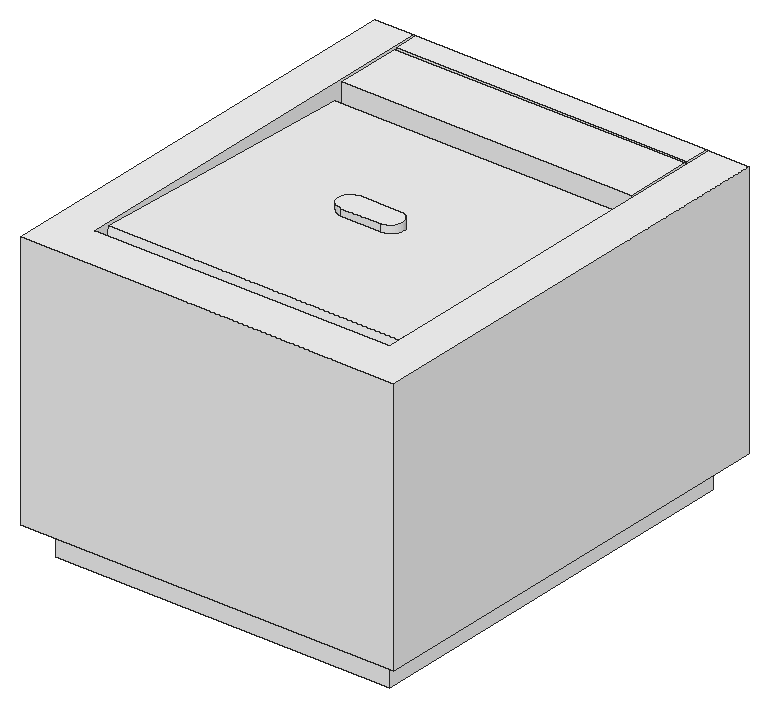
Revit family "Gira_020730", category Electrical Fixtures, host Face, Revit 2017
Family settings
  Host = Face
  Maintain Annotation Orientation = Yes
  Round Connector Dimension = Use Diameter
  Part Type = Normal
  Cut with Voids When Loaded = No
  Shared = No
  Room Calculation Point = No
Parameters (values of type "Cover plate Glass pl. of in.sp. WP surface-mounted blue")
  With label area = "Yes"
  With exchangeable lens/symbol = "Yes"
  White [instance] = White
  Utilization = "Switch/push button"
  URL = "http://katalog.gira.de/en/datenblatt.html?artikelnr=020730"
  Type of fastening = "Screw mounting"
  Surface protection = "Other"
  Suitable for touch sensor connector for bus system = "No"
  Suitable for degree of protection (IP) = "IP20"
  Scannable symbol / barrier free = "No"
  RAL-number (akin) = "5015"
  Name = "Cover plate Glass pl. of in.sp. WP surface-mounted blue"
  Monitoring window/light outlet = "No"
  Model = "Single rocker"
  Material quality = "Other"
  Material = "Other"
  Manufacturer URL = "https://www.gira.de/"
  Manufacturer = "Gira"
  Imprint/indication = "Without imprint"
  HeinzeBIM = "https://bimportal.heinze.de/bim/cover-plate-glass-pl-of-in-sp-wp-surface-mounted-blue/2a37ca503be4864462c599e5d8a8d9e77697448f"
  Halogen free = "Yes"
  HAN = "020730"
  GTIN = "4010337207306"
  Description = "Cov.pl.in.sp.pane WP SM BU,Cover plate with inscription space and glass pane suitable for water-protected rocker switches, indicator switches, and buttons,,blue RAL 5015,Notes :,- Not suitable for 3-pole switches."
  Default Elevation = 1219.2 mm
  Data sheet (1) = "https://katalog.gira.de/en/download.html?artikelnr=020730"
  Colour = "Blue"
  Category = "Control element/cover plate for domestic switching devices"
  BIM (1) = "https://media.stage.bim.site/public/gira/36a6b08/IP44_Komplettgerät_Schalten und Tasten.rfa?public/gira/36a6b08/IP44_Komplettgerät_Schalten und Tasten.rfa"
  Available = "No"
Reference planes
  plane 1 "Center (Front/Back)": y = 0
  plane 2: z = 0
  plane 3 "Center (Left/Right)": x = 0
  plane 4: x = 30
  plane 5: x = -30
  plane 6: z = 41.4
Forms (mm)
  Extrusion 1, solid, material "White" <- "White", detail levels medium+fine
    sketch origin (0, 0, 0) x (1, 0, 0) y (0, 1, 0)
      loop
        line (-34, 41) -> (-34, -41) -> (34, -41) -> (34, 41) -> (-34, 41)
    from 0 to -6.2
  Extrusion 2, solid, material "White" <- "White", detail levels medium+fine
    sketch origin (0, 0, 0) x (1, 0, 0) y (0, 1, 0)
      loop
        line (-38, 45) -> (-38, -45) -> (38, -45) -> (38, 45) -> (-38, 45)
    from 0 to 52.4
  Extrusion 3, void
    sketch origin (0, 0, 0) x (1, 0, 0) y (0, 0, 1)
      loop
        line (-30, 59.413) -> (-30, 41.4) -> (30, 41.4) -> (30, 59.413) -> (-30, 59.413)
    from 36 to -113.06
  Extrusion 4, solid, material "White" <- "White", detail levels medium
    sketch origin (225, 0, 0) x (1, 0, 0) y (0, 1, 0)
      loop
        line (-254.5, 44.5) -> (-254.5, -35.5) -> (-195.5, -35.5) -> (-195.5, 44.5) -> (-254.5, 44.5)
    from 41.4 to 52.4
  Extrusion 5, solid, material "White" <- "White", detail levels fine
    sketch origin (0, 0, 0) x (1, 0, 0) y (0, 1, 0)
      loop
        line (-29.5, 45) -> (-29.5, 40) -> (29.5, 40) -> (29.5, 45) -> (-29.5, 45)
    from 41.4 to 52.4
  Extrusion 6, solid, material "White" <- "White", detail levels fine
    sketch origin (0, 0, 0) x (1, 0, 0) y (0, 1, 0)
      loop
        line (29.5, 39.5) -> (-29.5, 39.5) -> (-29.5, 26) -> (29.5, 26) -> (29.5, 39.5)
    from 41.4 to 52.4
  Extrusion 7, solid, material "White" <- "White", detail levels fine
    sketch origin (0, 0, 0) x (1, 0, 0) y (0, 1, 0)
      loop
        arc (-4, -1) -> (-6.5, -3.5) -> (-4, -6) r 2.5
        line (-4, -6) -> (4, -6)
        arc (4, -6) -> (6.5, -3.5) -> (4, -1) r 2.5
        line (4, -1) -> (-4, -1)
    from 41.4 to 52.4
  Extrusion 8, solid, material "White" <- "White", detail levels coarse
    sketch origin (0, 0, 0) x (1, 0, 0) y (0, 1, 0)
      loop
        line (-38, 46) -> (-38, -45) -> (38, -45) -> (38, 46) -> (-38, 46)
    from -6.2 to 52.4
  Extrusion 9, solid, material "White" <- "White", detail levels medium+fine
    sketch origin (0, 0, 0) x (1, 0, 0) y (0, 0, 1)
      loop
        circle (0, 14) r 3.6
    from -46 to -45
  Extrusion 10, solid, material "White" <- "White", detail levels fine
    sketch origin (0, 0, 0) x (0, 1, 0) y (0, 0, 1)
      loop
        line (-36, 41.4) -> (26, 41.4) -> (24.38, 49.736) -> (-33.115, 52.169) -> (-36, 41.4)
    from -29.5 to 29.5
Cuts and joins
  Extrusion 3 cuts Extrusion 2
Dimensions and locks
  aligned and locked: plane 2 to host face
  aligned and locked: level to host face
  aligned and locked: plane 3 "Center (Left/Right)" to nested 1
  aligned and locked: plane 1 "Center (Front/Back)" to nested 1
Nested families
  nested 1: "Schalter" at (0, 0, 0), type "Schalter"
Connectors
  electrical at (0, 0, -6.2)
    settings: on Extrusion 1, index 1, voltage 224 V, apparent load 0 VA, apparent load phase1 0 VA, apparent load phase2 0 VA, apparent load phase3 0 VA, power factor 1, load classification "Other", number of poles 1, system type 30, power factor state 1, is connector primary yes, connector utility no, sub classification motor no, connector description ""
Definition of nested family "Schalter"
  Reference planes
    plane 1: y = 0
    plane 2: x = 0
  Lines and regions (mm)
    detail lines
      curve 1: circle (1.375, 2.778, 0) r 0.8 normal (0, 0, 1)
      curve 2: line (1.021, 2.061, 0) -> (0, 0, 0)
      curve 3: line (0, 0, 0) -> (-0.538, 0.266, 0)
  Dimensions and locks
    curve 2 to curve 2 = 2.3 mm
    curve 3 to curve 2 = 0.6 mm
    radius of curve 1 = 0.8 mm
